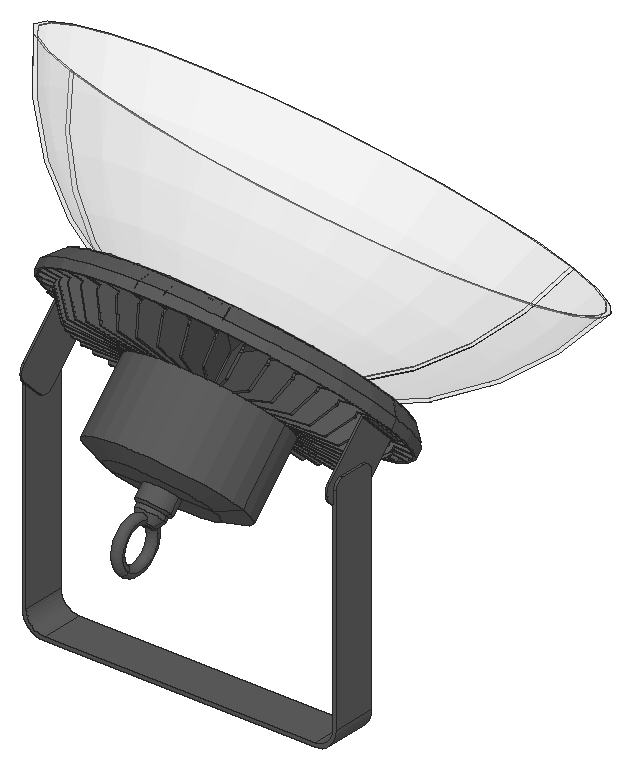
Revit family "0039344+0039353+0039358 Feilo Sylvania Lighting Fixture START HIGHBAY 4K 13KLM MEDIUM with BRACKET and PC LAMPSHADE TRANSPARENT", category Lighting Fixtures, host Face, Revit 2017
Family settings
  Host = Face
  Round Connector Dimension = Use Diameter
  Part Type = Normal
  OmniClass Number = 23.80.70.00
  OmniClass Title = Lighting
  Cut with Voids When Loaded = No
  Light Source = No
  Shared = No
  Room Calculation Point = No
Parameters (values of type "0039344+0039353+0039358 START HIGHBAY 4K 13KLM MEDIUM with BRACKET and PC LAMPSHADE TRANSPARENT ")
  Weight = "3.0 kg"
  Wattage Comments = ""
  WarrantyStartDate [instance] = "n/a"
  WarrantyGuarantorParts = "n/a"
  WarrantyDurationUnit = "n/a"
  WarrantyDurationParts = "n/a"
  WarrantyDescription = "n/a"
  Voltage = 230 V
  URL = "http://www.sylvania-lighting.com"
  TypeName = "START HIGHBAY 4K 13KLM MEDIUM with BRACKET and PC LAMPSHADE TRANSPARENT"
  TypeHead_FEILO = Start LED Highbay Head : 0039344+0039353+0039358 START HIGHBAY 4K 13KLM MEDIUM with BRACKET and PC LAMPSHADE TRANSPARENT 
  Type Image = <None>
  Type Comments = "n/a"
  TiltAngle_FEILO [instance] = 45.00°
  ThicknessBracketPlate_FEILO = 3 mm
  SizeBracketS_FEILO = yes
  SizeBracketM_FEILO = no
  SerialNumber [instance] = "n/a"
  RadiusBracketTop_FEILO = 7 mm
  RadiusBendOut_FEILO = if(SizeBracketS_FEILO, 18 mm, if(SizeBracketM_FEILO, 24 mm, 28 mm))  # 18 mm
  RadiusBendIn_FEILO = RadiusBendOut_FEILO - ThicknessBracketPlate_FEILO  # 15 mm
  Material_3_FEILO = none
  PowerFactor = 0.95
  PowerConsumption = "100 W"
  NominalLength = 270 mm
  NominalHeight = 170 mm
  NominalDepth = 270 mm
  Name = "START HIGHBAY 4K 13KLM MEDIUM with BRACKET and PC LAMPSHADE TRANSPARENT"
  ModelReference = Name  # "START HIGHBAY 4K 13KLM MEDIUM with BRACKET and PC LAMPSHADE TRANSPARENT"
  ModelNumber = "0039344+0039353+0039358"
  Model = Name  # "START HIGHBAY 4K 13KLM MEDIUM with BRACKET and PC LAMPSHADE TRANSPARENT"
  Material = "aluminium alloy housing, polycarbonate diffuser"
  ManufacturerName = "Feilo Sylvania"
  Manufacturer = "Feilo Sylvania"
  LuminousEfficacy = "130 lm/W"
  LuminaireType = ""
  LightOutputRatio = "n/a"
  LampsType = Lamp  # "LED"
  LampNominalLuminous = "13000 lm"
  LampMacAdamStep = "n/a"
  LampColourTemperature = "4000 K"
  LampColourRenderingIndex = "80"
  Lamp = "LED"
  Keynote = "16500"
  InstallationDate [instance] = "n/a"
  InputVoltage = "220-240V~"
  InputNominalFrequency = "50/60 Hz"
  IngressProtection = "IP65"
  ImpactProtectionIndex = "IK08"
  IfcExportType = "IfcLightFixtureType"
  IfcExportAs = "IfcLightFixtureType"
  ExpectedLife = 50000
  EndAngle_FEILO [instance] = TiltAngle_FEILO + 180.00°  # 225.00°
  ElectricShockClassification = "Class I"
  DurationUnit = "hours"
  DocumentationLiterature = "http://www.sylvania-lighting.com/product/en-int/products/0039344"
  DimmingControlOptions = "n/a"
  Material_2_FEILO = none
  Description = "START HIGHBAY, includes 1 m cables, black aluminium housing, 13000LM, 100W, 130lm/W, 4000K, Driver current: 2140mA, CR80, 60° beam angle, 1-10V dimmable,  IP65, IK08, 50,000 hrs (L70B50), (LxWxH) 270x270x170mm"
  Default Elevation = 1219.2 mm
  CreatedOn = "2/28/2018"
  CreatedBy = ""
  Cost = 0
  built-in parameter 1114216 [instance] = (empty or 0)
  ClassificationValue = "EF_70_80"
  ClassificationName = "Uniclass2015"
  Material_1_FEILO = Body-Sylvania-StartHighbay-Black
  BracketHeight_FEILO = if(SizeBracketS_FEILO, 199.5 mm, if(SizeBracketM_FEILO, 209.6 mm, 201.3 mm))  # 199.5 mm
  BracketDistanceInner_FEILO = if(SizeBracketS_FEILO, 249.4 mm, if(SizeBracketM_FEILO, 273.6 mm, 313.2 mm))  # 249.4 mm
  BarCode [instance] = "n/a"
  AssetType = "Fixed"
  AssetIdentifier [instance] = "n/a"
  Assembly Code = "D5020200"
  Apparent Load = 100 VA
  Material_4_FEILO = none
Reference planes
  plane 1 "Center (Front/Back)": y = 0
  plane 2: z = 0
  plane 3 "Center (Left/Right)": x = 0
  plane 4: x = -127.7
  plane 5: x = 127.7
  plane 6: z = 199.5
  plane 7: x = -124.7
  plane 8: z = 3
  plane 9: x = 124.7
  plane 10: y = 17.5
  plane 11: y = -17.5
  plane 12: y = -19.5
  plane 13: z = 201.5
  plane 14: y = 19.5
  plane 15: z = 190.5
Forms (mm)
  Extrusion 1, solid, material "Body-Sylvania-StartHighbay-Black" <- "Material_1_FEILO"
    sketch origin (0, 0, 0) x (1, 0, 0) y (0, 0, 1)
      loop
        line (-127.7, 199.5) -> (-127.7, 18)
        arc (-127.7, 18) -> (-122.428, 5.272) -> (-109.7, 0) r 18
        line (-109.7, 0) -> (109.7, 0)
        arc (109.7, 0) -> (122.428, 5.272) -> (127.7, 18) r 18
        line (127.7, 18) -> (127.7, 199.5) -> (124.7, 199.5) -> (124.7, 18)
        arc (124.7, 18) -> (120.307, 7.393) -> (109.7, 3) r 15
        line (109.7, 3) -> (-109.7, 3)
        arc (-109.7, 3) -> (-120.307, 7.393) -> (-124.7, 18) r 15
        line (-124.7, 18) -> (-124.7, 199.5) -> (-127.7, 199.5)
    from -17.5 to 17.5
  Extrusion 2, void
    sketch origin (0, 0, 0) x (0, 1, 0) y (0, 0, 1)
      loop
        arc (10.5, 199.5) -> (15.45, 197.45) -> (17.5, 192.5) r 7
        line (17.5, 192.5) -> (19.5, 192.5) -> (19.5, 201.5) -> (-19.5, 201.5) -> (-19.5, 192.5) -> (-17.5, 192.5)
        arc (-17.5, 192.5) -> (-15.45, 197.45) -> (-10.5, 199.5) r 7
        line (-10.5, 199.5) -> (10.5, 199.5)
    from -127.7 to 127.7
  Revolve 3, solid, not visible
    sketch origin (1223.4, -4572, 190.5) x (0, -1, 0) y (1, 0, 0)
      loop
        line (-4572, -1223.4) -> (-4591.5, -1223.4) -> (-4591.5, -1277.783) -> (-4572, -1277.783) -> (-4572, -1223.4)
      axis (-4572, -1223.4) -> (-4572, -1277.783)
    angle from 45 <- "TiltAngle_FEILO" to 225 <- "EndAngle_FEILO"
Cuts and joins
  Extrusion 2 cuts Extrusion 1
Dimensions and locks
  "BracketHeight_FEILO": plane 6 to plane 2
  equal spacing: plane 11, plane 1 "Center (Front/Back)", plane 10
  locked: plane 11 to plane 10 at 35
  equal spacing: plane 9, plane 3 "Center (Left/Right)", plane 7
  "BracketDistanceInner_FEILO": plane 9 to plane 7
  "ThicknessBracketPlate_FEILO": plane 7 to plane 4
  "ThicknessBracketPlate_FEILO": plane 8 to plane 2
  equal spacing: plane 5, plane 3 "Center (Left/Right)", plane 4
  equal spacing: plane 12, plane 1 "Center (Front/Back)", plane 14
  locked: plane 6 to plane 13 at 2
  locked: plane 12 to plane 11 at 2
  locked: plane 6 to plane 15 at 9
  "RadiusBendOut_FEILO": radius of Extrusion 1 sketch curve  (x2)
  "RadiusBendIn_FEILO": radius of Extrusion 1 sketch curve  (x2)
  "RadiusBracketTop_FEILO": radius of Extrusion 2 sketch curve  (x2)
  aligned and locked: plane 2 to host face
  aligned and locked: level to host face
  aligned and locked: Extrusion 1 sketch curve to plane 4
  aligned and locked: Extrusion 1 sketch curve to level
  aligned and locked: plane 6 to Extrusion 1 sketch curve
  aligned and locked: Extrusion 1 sketch curve to plane 6
  aligned and locked: Extrusion 1 sketch curve to plane 7
  aligned and locked: plane 9 to Extrusion 1 sketch curve
  aligned and locked: plane 8 to Extrusion 1 sketch curve
  aligned and locked: Extrusion 1 to plane 10
  aligned and locked: plane 11 to Extrusion 1
  aligned and locked: Extrusion 1 to Extrusion 2 sketch curve
  aligned and locked: plane 14 to Extrusion 2 sketch curve  (x2)
  aligned and locked: Extrusion 2 sketch curve to plane 12
  aligned and locked: plane 13 to Extrusion 2 sketch curve
  aligned and locked: plane 5 to Extrusion 2
  aligned and locked: Extrusion 2 to plane 4
  aligned and locked: Revolve 3 sketch curve to plane 1 "Center (Front/Back)"
  aligned and locked: Revolve 3 sketch curve to Revolve 3 sketch curve
  aligned and locked: plane 3 "Center (Left/Right)" to Revolve 3 sketch curve
  aligned and locked: Revolve 3 sketch curve to plane 14
  aligned and locked: nested 1 to plane 3 "Center (Left/Right)"
Automatic sketch dimensions
  host sketch curve to host sketch curve = 2438.4 mm  (x2)
  Revolve 3 sketch curve to Revolve 3 sketch curve = 54.383 mm
  Revolve 3 sketch curve to plane 4 = 1396.3 mm
  plane 5 to Revolve 3 sketch curve = 1396.3 mm
  Extrusion 1 sketch curve to Extrusion 1 sketch curve = 0 mm
  Extrusion 2 sketch curve to plane 11 = 0 mm
  Extrusion 2 sketch curve to plane 10 = 0 mm
Nested families
  nested 1: "Start LED Highbay Head" at (0, 0, 190.5) x (-1, 0, 0) z (0, 0.7071, 0.7071), type <- "TypeHead_FEILO", type "0039344+0039353+0039358 START HIGHBAY 4K 13KLM MEDIUM with BRACKET and PC LAMPSHADE TRANSPARENT "
    with built-in parameter 1114216 (empty or 0)
Connectors
  electrical at (0, 0, 0), driven by "Apparent Load", driven by "PowerFactor", driven by "Voltage"
    settings: index 1, voltage 230 V, apparent load 100 VA, apparent load phase1 0 VA, apparent load phase2 0 VA, apparent load phase3 0 VA, power factor 0.95, load classification "Lighting", number of poles 1, system type 30, power factor state 1, is connector primary yes, connector utility no, sub classification motor no, connector description ""
Definition of nested family "Start LED Highbay Head"
  Parameters (values of type "0039351+0039354+0039358 START HIGHBAY 6K 19KLM WIDE with BRACKET and PC LAMPSHADE TRANSPARENT ")
    X_FEILO = if(SizeS_FEILO, 60.3 mm, if(SizeM_FEILO, 70.4 mm, 83.5 mm))  # 70.4 mm
    WidthStraight_FEILO = if(SizeS_FEILO, 3 mm, if(SizeM_FEILO, 4 mm, 4.7 mm))  # 4 mm
    WidthRingChamfer_FEILO = if(SizeS_FEILO, 10.3 mm, if(SizeM_FEILO, 11.2 mm, 12.9 mm))  # 11.2 mm
    WidthCurved_FEILO = if(SizeS_FEILO, 17.4 mm, if(SizeM_FEILO, 16.4 mm, 26.2 mm))  # 16.4 mm
    WidthCurvedRing_FEILO = if(SizeS_FEILO, 3 mm, if(SizeM_FEILO, 4 mm, 4.7 mm))  # 4 mm
    WidthBracket_FEILO = 40 mm
    Wattage Comments = ""
    Wattage = 150 W
    built-in parameter 1150110 = 1 (stored number, unit not read)
    URL = "http://www.feilosylvania.com"
    Type Image = (empty or 0)
    Type Comments = "n/a"
    built-in parameter 1114217 = 1 (stored number, unit not read)
    Tilt Angle = -90.00°
    ThicknessWall_FEILO = 1.5 mm
    ThicknessBracket_FEILO = 1.5 mm
    ThicknessBracketHalf_FEILO = ThicknessBracket_FEILO / 2  # 0.75 mm
    built-in parameter 1150109 = 1 (stored number, unit not read)
    built-in parameter 1150134 = 1
    built-in parameter 1150113 = 1 (stored number, unit not read)
    SizeS_FEILO = no
    SizeM_FEILO = yes
    ShadeThickness_FEILO = 3 mm
    ShadeSizeSM_FEILO = or(SizeS_FEILO, SizeM_FEILO)  # yes
    ShadeRadiusOut_FEILO = 205 mm
    ShadeRadiusIn_FEILO = if(ShadeSizeSM_FEILO, 95 mm, 121 mm)  # 95 mm
    ShadeRadiusBend_FEILO = if(ShadeSizeSM_FEILO, 210 mm, 210 mm)  # 210 mm
    ShadeOn_FEILO = yes
    ShadeHeight_FEILO = if(ShadeSizeSM_FEILO, 120 mm, 151 mm)  # 120 mm
    Rib4_FEILO = if(SizeS_FEILO, 18.1 mm, if(SizeM_FEILO, 13.6 mm, 14.6 mm))  # 13.6 mm
    Rib3_FEILO = if(SizeS_FEILO, 15.3 mm, if(SizeM_FEILO, 17.6 mm, 20.2 mm))  # 17.6 mm
    Rib2_FEILO = if(SizeS_FEILO, 3.6 mm, if(SizeM_FEILO, 3.9 mm, 4.5 mm))  # 3.9 mm
    Rib1_FEILO = if(SizeS_FEILO, 15.1 mm, if(SizeM_FEILO, 16.5 mm, 19 mm))  # 16.5 mm
    RadiusDiffuser_FEILO = if(SizeS_FEILO, 95.2 mm, if(SizeM_FEILO, 105.3 mm, 120 mm))  # 105.3 mm
    RadiusArrayPost_FEILO = DriverRadius_FEILO - 6 mm  # 61.2 mm
    RHRadius3_FEILO = if(SizeS_FEILO, 6.6 mm, if(SizeM_FEILO, 7.4 mm, 8.6 mm))  # 7.4 mm
    RHRadius2_FEILO = if(SizeS_FEILO, 11 mm, if(SizeM_FEILO, 12 mm, 14 mm))  # 12 mm
    RHRadius1_FEILO = if(SizeS_FEILO, 13.6 mm, if(SizeM_FEILO, 14.9 mm, 17.7 mm))  # 14.9 mm
    RHHeight4_FEILO = if(SizeS_FEILO, 7.3 mm, if(SizeM_FEILO, 8 mm, 9.2 mm))  # 8 mm
    RHHeight3_FEILO = if(SizeS_FEILO, 3.6 mm, if(SizeM_FEILO, 3.7 mm, 4.6 mm))  # 3.7 mm
    RHHeight2_FEILO = if(SizeS_FEILO, 2 mm, if(SizeM_FEILO, 2.2 mm, 2.6 mm))  # 2.2 mm
    RHHeight1_FEILO = if(SizeS_FEILO, 11.8 mm, if(SizeM_FEILO, 15.3 mm, 17.4 mm))  # 15.3 mm
    Photometric Web File = "0039351+0039358.ies"
    Material_5_FEILO = none
    Material_3_FEILO = none
    Model = "START HIGHBAY 6K 19KLM WIDE with BRACKET and PC LAMPSHADE TRANSPARENT"
    Manufacturer = "Feilo Sylvania"
    built-in parameter 1150105 = 10854.2 (stored number, unit not read)
    Lumens = 19500 lm
    built-in parameter 1150115 = 1 (stored number, unit not read)
    built-in parameter 1150137 = (empty or 0)
    built-in parameter 1150139 = (empty or 0)
    built-in parameter 1150112 = 1 (stored number, unit not read)
    built-in parameter 1150114 = 1 (stored number, unit not read)
    Lamp = "LED"
    Keynote = "16500"
    built-in parameter 1150132 = (empty or 0)
    built-in parameter 1150102 = (empty or 0)
    built-in parameter 1150107 = 6500 (stored number, unit not read)
    built-in parameter 1150138 = (empty or 0)
    built-in parameter 1150106 = 108.54 (stored number, unit not read)
    HeightRing_FEILO = if(SizeS_FEILO, 19.8 mm, if(SizeM_FEILO, 32 mm, 36.8 mm))  # 32 mm
    HeightRingChamfer_FEILO = if(SizeS_FEILO, 11.7 mm, if(SizeM_FEILO, 23.2 mm, 26.6 mm))  # 23.2 mm
    EyeThickness_FEILO = if(SizeS_FEILO, 8.4 mm, if(SizeM_FEILO, 9.2 mm, 10.5 mm))  # 9.2 mm
    EyeThicknessHalf_FEILO = EyeThickness_FEILO / 2  # 4.6 mm
    EyeInner_FEILO = if(SizeS_FEILO, 13.8 mm, if(SizeM_FEILO, 15.1 mm, 17.3 mm))  # 15.1 mm
    Emit from Circle Diameter = RadiusDiffuser_FEILO * 2  # 210.6 mm
    Emit Shape Visible in Rendering = no
    built-in parameter 1150104 = 12.077 (stored number, unit not read)
    DriverVerticalStraight_FEILO = if(SizeS_FEILO, 46.5 mm, if(SizeM_FEILO, 49.7 mm, 57 mm))  # 49.7 mm
    DriverVerticalChamfer_FEILO = if(SizeS_FEILO, 7.5 mm, if(SizeM_FEILO, 8.2 mm, 9.5 mm))  # 8.2 mm
    DriverRadius_FEILO = if(SizeS_FEILO, 61.4 mm, if(SizeM_FEILO, 67.2 mm, 76.4 mm))  # 67.2 mm
    DriverRadiusTop_FEILO = if(SizeS_FEILO, 42 mm, if(SizeM_FEILO, 45.3 mm, 52.4 mm))  # 45.3 mm
    DriverBottom_FEILO = if(SizeS_FEILO, 56 mm, if(SizeM_FEILO, 64.5 mm, 74 mm))  # 64.5 mm
    Material_2_FEILO = none
    Radius_FEILO = if(SizeS_FEILO, 135 mm, if(SizeM_FEILO, 148 mm, 169.5 mm))  # 148 mm
    Dimming Lamp Color Temperature Shift = (empty or 0)
    DiameterWire_FEILO = 3 mm
    DiameterWireSupport_FEILO = 10 mm
    Description = "START HIGHBAY, includes 1 m cables, black aluminium housing, 19500LM, 150W, 130lm/W, 6500K, Driver current: 2140mA, CR80, 60° beam angle, 1-10V dimmable,  IP65, IK08, 50,000 hrs (L70B50), (LxWxH) 296x296x177mm"
    Default Elevation = 1219.2 mm
    Cost = 0
    Color Filter = 16777215
    built-in parameter 1114216 [instance] = (empty or 0)
    Material_1_FEILO = none
    built-in parameter 1114218 = 1 (stored number, unit not read)
    built-in parameter 1150133 = 10 (stored number, unit not read)
    Assembly Code = "D5020200"
    Apparent Load = 150 VA
    Material_4_FEILO = none
  Types (36, lengths in mm): name | X_FEILO | WidthStraight_FEILO | WidthRingChamfer_FEILO | WidthCurved_FEILO | WidthCurvedRing_FEILO | Wattage | built-in parameter 1150134 | SizeS_FEILO | SizeM_FEILO | ShadeSizeSM_FEILO | ShadeRadiusIn_FEILO | ShadeOn_FEILO | ShadeHeight_FEILO | Rib4_FEILO | Rib3_FEILO | Rib2_FEILO | Rib1_FEILO | RadiusDiffuser_FEILO | RadiusArrayPost_FEILO | RHRadius3_FEILO | RHRadius2_FEILO | RHRadius1_FEILO | RHHeight4_FEILO | RHHeight3_FEILO | RHHeight2_FEILO | RHHeight1_FEILO | Photometric Web File | Model | built-in parameter 1150105 | Lumens | built-in parameter 1150107 | built-in parameter 1150106 | HeightRing_FEILO | HeightRingChamfer_FEILO | EyeThickness_FEILO | EyeThicknessHalf_FEILO | EyeInner_FEILO | Emit from Circle Diameter | DriverVerticalStraight_FEILO | DriverVerticalChamfer_FEILO | DriverRadius_FEILO | DriverRadiusTop_FEILO | DriverBottom_FEILO | Radius_FEILO | Description | Apparent Load
    0039352+0039355+0039361 START HIGHBAY 6K 26KLM WIDE with BRACKET and PC LAMPSHADE TRANSPARENT | 83.5 | 4.7 | 12.9 | 26.2 | 4.7 | 200 W | 1 | no | no | no | 121 | yes | 151 | 14.6 | 20.2 | 4.5 | 19 | 120 | 70.4 | 8.6 | 14 | 17.7 | 9.2 | 4.6 | 2.6 | 17.4 | "0039352+0039361.ies" | "START HIGHBAY 6K 26KLM WIDE with BRACKET and PC LAMPSHADE TRANSPARENT" | 17911 (stored number, unit not read) | 26000 lm | 6500 (stored number, unit not read) | 179.11 (stored number, unit not read) | 36.8 | 26.6 | 10.5 | 5.25 | 17.3 | 240 | 57 | 9.5 | 76.4 | 52.4 | 74 | 169.5 | "START HIGHBAY, includes 1 m cables, black aluminium housing, 26000LM, 200W, 130lm/W, 6500K, Driver current: 5000mA, CR80, 60° beam angle, 1-10V dimmable,  IP65, IK08, 50,000 hrs (L70B50), (LxWxH) 339x339x194mm" | 200 VA
    0039352+0039355+0039360 START HIGHBAY 6K 26KLM WIDE with BRACKET and ALU SHADE BLACK COLOR | 83.5 | 4.7 | 12.9 | 26.2 | 4.7 | 200 W | 1 | no | no | no | 121 | yes | 151 | 14.6 | 20.2 | 4.5 | 19 | 120 | 70.4 | 8.6 | 14 | 17.7 | 9.2 | 4.6 | 2.6 | 17.4 | "0039352+0039360.ies" | "START HIGHBAY 6K 26KLM WIDE with BRACKET and ALU SHADE BLACK COLOR" | 14870 (stored number, unit not read) | 26000 lm | 6500 (stored number, unit not read) | 148.7 (stored number, unit not read) | 36.8 | 26.6 | 10.5 | 5.25 | 17.3 | 240 | 57 | 9.5 | 76.4 | 52.4 | 74 | 169.5 | "START HIGHBAY, includes 1 m cables, black aluminium housing, 26000LM, 200W, 130lm/W, 6500K, Driver current: 5000mA, CR80, 60° beam angle, 1-10V dimmable,  IP65, IK08, 50,000 hrs (L70B50), (LxWxH) 339x339x194mm" | 200 VA
    0039352+0039355+0039359 START HIGHBAY 6K 26KLM WIDE with BRACKET and ALU SHADE ALU COLOR | 83.5 | 4.7 | 12.9 | 26.2 | 4.7 | 200 W | 1 | no | no | no | 121 | yes | 151 | 14.6 | 20.2 | 4.5 | 19 | 120 | 70.4 | 8.6 | 14 | 17.7 | 9.2 | 4.6 | 2.6 | 17.4 | "0039352+0039359.ies" | "START HIGHBAY 6K 26KLM WIDE with BRACKET and ALU SHADE ALU COLOR" | 14870 (stored number, unit not read) | 26000 lm | 6500 (stored number, unit not read) | 148.7 (stored number, unit not read) | 36.8 | 26.6 | 10.5 | 5.25 | 17.3 | 240 | 57 | 9.5 | 76.4 | 52.4 | 74 | 169.5 | "START HIGHBAY, includes 1 m cables, black aluminium housing, 26000LM, 200W, 130lm/W, 6500K, Driver current: 5000mA, CR80, 60° beam angle, 1-10V dimmable,  IP65, IK08, 50,000 hrs (L70B50), (LxWxH) 339x339x194mm" | 200 VA
    0039352+0039355 START HIGHBAY 6K 26KLM WIDE with BRACKET | 83.5 | 4.7 | 12.9 | 26.2 | 4.7 | 200 W | 1 | no | no | no | 121 | no | 151 | 14.6 | 20.2 | 4.5 | 19 | 120 | 70.4 | 8.6 | 14 | 17.7 | 9.2 | 4.6 | 2.6 | 17.4 | "0039352.ies" | "START HIGHBAY 6K 26KLM WIDE with BRACKET" | 13836.2 (stored number, unit not read) | 26000 lm | 6500 (stored number, unit not read) | 138.36 (stored number, unit not read) | 36.8 | 26.6 | 10.5 | 5.25 | 17.3 | 240 | 57 | 9.5 | 76.4 | 52.4 | 74 | 169.5 | "START HIGHBAY, includes 1 m cables, black aluminium housing, 26000LM, 200W, 130lm/W, 6500K, Driver current: 5000mA, CR80, 60° beam angle, 1-10V dimmable,  IP65, IK08, 50,000 hrs (L70B50), (LxWxH) 339x339x194mm" | 200 VA
    0039351+0039354+0039358 START HIGHBAY 6K 19KLM WIDE with BRACKET and PC LAMPSHADE TRANSPARENT | 70.4 | 4 | 11.2 | 16.4 | 4 | 150 W | 1 | no | yes | yes | 95 | yes | 120 | 13.6 | 17.6 | 3.9 | 16.5 | 105.3 | 61.2 | 7.4 | 12 | 14.9 | 8 | 3.7 | 2.2 | 15.3 | "0039351+0039358.ies" | "START HIGHBAY 6K 19KLM WIDE with BRACKET and PC LAMPSHADE TRANSPARENT" | 10854.2 (stored number, unit not read) | 19500 lm | 6500 (stored number, unit not read) | 108.54 (stored number, unit not read) | 32 | 23.2 | 9.2 | 4.6 | 15.1 | 210.6 | 49.7 | 8.2 | 67.2 | 45.3 | 64.5 | 148 | "START HIGHBAY, includes 1 m cables, black aluminium housing, 19500LM, 150W, 130lm/W, 6500K, Driver current: 2140mA, CR80, 60° beam angle, 1-10V dimmable,  IP65, IK08, 50,000 hrs (L70B50), (LxWxH) 296x296x177mm" | 150 VA
    0039351+0039354+0039357 START HIGHBAY 6K 19KLM WIDE with BRACKET and ALU SHADE BLACK COLOR | 70.4 | 4 | 11.2 | 16.4 | 4 | 150 W | 1 | no | yes | yes | 95 | yes | 120 | 13.6 | 17.6 | 3.9 | 16.5 | 105.3 | 61.2 | 7.4 | 12 | 14.9 | 8 | 3.7 | 2.2 | 15.3 | "0039351+0039357.ies" | "START HIGHBAY 6K 19KLM WIDE with BRACKET and ALU SHADE BLACK COLOR" | 11152.5 (stored number, unit not read) | 19500 lm | 6500 (stored number, unit not read) | 111.52 (stored number, unit not read) | 32 | 23.2 | 9.2 | 4.6 | 15.1 | 210.6 | 49.7 | 8.2 | 67.2 | 45.3 | 64.5 | 148 | "START HIGHBAY, includes 1 m cables, black aluminium housing, 19500LM, 150W, 130lm/W, 6500K, Driver current: 2140mA, CR80, 60° beam angle, 1-10V dimmable,  IP65, IK08, 50,000 hrs (L70B50), (LxWxH) 296x296x177mm" | 150 VA
    0039351+0039354+0039356 START HIGHBAY 6K 19KLM WIDE with BRACKET and ALU SHADE ALU COLOR | 70.4 | 4 | 11.2 | 16.4 | 4 | 150 W | 1 | no | yes | yes | 95 | yes | 120 | 13.6 | 17.6 | 3.9 | 16.5 | 105.3 | 61.2 | 7.4 | 12 | 14.9 | 8 | 3.7 | 2.2 | 15.3 | "0039351+0039356.ies" | "START HIGHBAY 6K 19KLM WIDE with BRACKET and ALU SHADE ALU COLOR" | 11152.5 (stored number, unit not read) | 19500 lm | 6500 (stored number, unit not read) | 111.52 (stored number, unit not read) | 32 | 23.2 | 9.2 | 4.6 | 15.1 | 210.6 | 49.7 | 8.2 | 67.2 | 45.3 | 64.5 | 148 | "START HIGHBAY, includes 1 m cables, black aluminium housing, 19500LM, 150W, 130lm/W, 6500K, Driver current: 2140mA, CR80, 60° beam angle, 1-10V dimmable,  IP65, IK08, 50,000 hrs (L70B50), (LxWxH) 296x296x177mm" | 150 VA
    0039351+0039354 START HIGHBAY 6K 19KLM WIDE with BRACKET | 70.4 | 4 | 11.2 | 16.4 | 4 | 150 W | 1 | no | yes | yes | 95 | no | 120 | 13.6 | 17.6 | 3.9 | 16.5 | 105.3 | 61.2 | 7.4 | 12 | 14.9 | 8 | 3.7 | 2.2 | 15.3 | "0039351.ies" | "START HIGHBAY 6K 19KLM WIDE with BRACKET" | 10377.1 (stored number, unit not read) | 19500 lm | 6500 (stored number, unit not read) | 103.77 (stored number, unit not read) | 32 | 23.2 | 9.2 | 4.6 | 15.1 | 210.6 | 49.7 | 8.2 | 67.2 | 45.3 | 64.5 | 148 | "START HIGHBAY, includes 1 m cables, black aluminium housing, 19500LM, 150W, 130lm/W, 6500K, Driver current: 2140mA, CR80, 60° beam angle, 1-10V dimmable,  IP65, IK08, 50,000 hrs (L70B50), (LxWxH) 296x296x177mm" | 150 VA
    0039350+0039353+0039358 START HIGHBAY 6K 13KLM WIDE with BRACKET and PC LAMPSHADE TRANSPARENT | 60.3 | 3 | 10.3 | 17.4 | 3 | 100 W | 1 | yes | no | yes | 95 | yes | 120 | 18.1 | 15.3 | 3.6 | 15.1 | 95.2 | 55.4 | 6.6 | 11 | 13.6 | 7.3 | 3.6 | 2 | 11.8 | "0039350+0039358.ies" | "START HIGHBAY 6K 13KLM WIDE with BRACKET and PC LAMPSHADE TRANSPARENT" | 7236.1 (stored number, unit not read) | 13000 lm | 6500 (stored number, unit not read) | 72.361 (stored number, unit not read) | 19.8 | 11.7 | 8.4 | 4.2 | 13.8 | 190.4 | 46.5 | 7.5 | 61.4 | 42 | 56 | 135 | "START HIGHBAY, includes 1 m cables, black aluminium housing, 13000LM, 100W, 130lm/W, 6500K, Driver current: 2140mA, CR80, 60° beam angle, 1-10V dimmable,  IP65, IK08, 50,000 hrs (L70B50), (LxWxH) 270x270x170mm" | 100 VA
    0039350+0039353+0039357 START HIGHBAY 6K 13KLM WIDE with BRACKET and ALU SHADE BLACK COLOR | 60.3 | 3 | 10.3 | 17.4 | 3 | 100 W | 1 | yes | no | yes | 95 | yes | 120 | 18.1 | 15.3 | 3.6 | 15.1 | 95.2 | 55.4 | 6.6 | 11 | 13.6 | 7.3 | 3.6 | 2 | 11.8 | "0039350+0039357.ies" | "START HIGHBAY 6K 13KLM WIDE with BRACKET and ALU SHADE BLACK COLOR" | 7435 (stored number, unit not read) | 13000 lm | 6500 (stored number, unit not read) | 74.35 (stored number, unit not read) | 19.8 | 11.7 | 8.4 | 4.2 | 13.8 | 190.4 | 46.5 | 7.5 | 61.4 | 42 | 56 | 135 | "START HIGHBAY, includes 1 m cables, black aluminium housing, 13000LM, 100W, 130lm/W, 6500K, Driver current: 2140mA, CR80, 60° beam angle, 1-10V dimmable,  IP65, IK08, 50,000 hrs (L70B50), (LxWxH) 270x270x170mm" | 100 VA
    0039350+0039353+0039356 START HIGHBAY 6K 13KLM WIDE with BRACKET and ALU SHADE ALU COLOR | 60.3 | 3 | 10.3 | 17.4 | 3 | 100 W | 1 | yes | no | yes | 95 | yes | 120 | 18.1 | 15.3 | 3.6 | 15.1 | 95.2 | 55.4 | 6.6 | 11 | 13.6 | 7.3 | 3.6 | 2 | 11.8 | "0039350+0039356.ies" | "START HIGHBAY 6K 13KLM WIDE with BRACKET and ALU SHADE ALU COLOR" | 7435 (stored number, unit not read) | 13000 lm | 6500 (stored number, unit not read) | 74.35 (stored number, unit not read) | 19.8 | 11.7 | 8.4 | 4.2 | 13.8 | 190.4 | 46.5 | 7.5 | 61.4 | 42 | 56 | 135 | "START HIGHBAY, includes 1 m cables, black aluminium housing, 13000LM, 100W, 130lm/W, 6500K, Driver current: 2140mA, CR80, 60° beam angle, 1-10V dimmable,  IP65, IK08, 50,000 hrs (L70B50), (LxWxH) 270x270x170mm" | 100 VA
    0039350+0039353 START HIGHBAY 6K 13KLM WIDE with BRACKET | 60.3 | 3 | 10.3 | 17.4 | 3 | 100 W | 1 | yes | no | yes | 95 | no | 120 | 18.1 | 15.3 | 3.6 | 15.1 | 95.2 | 55.4 | 6.6 | 11 | 13.6 | 7.3 | 3.6 | 2 | 11.8 | "0039350.ies" | "START HIGHBAY 6K 13KLM WIDE with BRACKET" | 6918.1 (stored number, unit not read) | 13000 lm | 6500 (stored number, unit not read) | 69.181 (stored number, unit not read) | 19.8 | 11.7 | 8.4 | 4.2 | 13.8 | 190.4 | 46.5 | 7.5 | 61.4 | 42 | 56 | 135 | "START HIGHBAY, includes 1 m cables, black aluminium housing, 13000LM, 100W, 130lm/W, 6500K, Driver current: 2140mA, CR80, 60° beam angle, 1-10V dimmable,  IP65, IK08, 50,000 hrs (L70B50), (LxWxH) 270x270x170mm" | 100 VA
    0039349+0039355+0039361 START HIGHBAY 4K 26KLM WIDE with BRACKET and PC LAMPSHADE TRANSPARENT FOR | 83.5 | 4.7 | 12.9 | 26.2 | 4.7 | 200 W | 12 | no | no | no | 121 | yes | 151 | 14.6 | 20.2 | 4.5 | 19 | 120 | 70.4 | 8.6 | 14 | 17.7 | 9.2 | 4.6 | 2.6 | 17.4 | "0039349+0039361.ies" | "START HIGHBAY 4K 26KLM WIDE with BRACKET and PC LAMPSHADE TRANSPARENT FOR" | 17911 (stored number, unit not read) | 26000 lm | 4000 (stored number, unit not read) | 179.11 (stored number, unit not read) | 36.8 | 26.6 | 10.5 | 5.25 | 17.3 | 240 | 57 | 9.5 | 76.4 | 52.4 | 74 | 169.5 | "START HIGHBAY, includes 1 m cables, black aluminium housing, 26000LM, 200W, 130lm/W, 4000K, Driver current: 5000mA, CR80, 90° beam angle, 1-10V dimmable,  IP65, IK08, 50,000 hrs (L70B50), (LxWxH) 339x339x194mm" | 200 VA
    0039349+0039355+0039360 START HIGHBAY 4K 26KLM WIDE with BRACKET and ALU SHADE BLACK COLOR | 83.5 | 4.7 | 12.9 | 26.2 | 4.7 | 200 W | 12 | no | no | no | 121 | yes | 151 | 14.6 | 20.2 | 4.5 | 19 | 120 | 70.4 | 8.6 | 14 | 17.7 | 9.2 | 4.6 | 2.6 | 17.4 | "0039349+0039360.ies" | "START HIGHBAY 4K 26KLM WIDE with BRACKET and ALU SHADE BLACK COLOR" | 14870 (stored number, unit not read) | 26000 lm | 4000 (stored number, unit not read) | 148.7 (stored number, unit not read) | 36.8 | 26.6 | 10.5 | 5.25 | 17.3 | 240 | 57 | 9.5 | 76.4 | 52.4 | 74 | 169.5 | "START HIGHBAY, includes 1 m cables, black aluminium housing, 26000LM, 200W, 130lm/W, 4000K, Driver current: 5000mA, CR80, 90° beam angle, 1-10V dimmable,  IP65, IK08, 50,000 hrs (L70B50), (LxWxH) 339x339x194mm" | 200 VA
    0039349+0039355+0039359 START HIGHBAY 4K 26KLM WIDE with BRACKET and ALU SHADE ALU COLOR | 83.5 | 4.7 | 12.9 | 26.2 | 4.7 | 200 W | 12 | no | no | no | 121 | yes | 151 | 14.6 | 20.2 | 4.5 | 19 | 120 | 70.4 | 8.6 | 14 | 17.7 | 9.2 | 4.6 | 2.6 | 17.4 | "0039349+0039359.ies" | "START HIGHBAY 4K 26KLM WIDE with BRACKET and ALU SHADE ALU COLOR" | 14870 (stored number, unit not read) | 26000 lm | 4000 (stored number, unit not read) | 148.7 (stored number, unit not read) | 36.8 | 26.6 | 10.5 | 5.25 | 17.3 | 240 | 57 | 9.5 | 76.4 | 52.4 | 74 | 169.5 | "START HIGHBAY, includes 1 m cables, black aluminium housing, 26000LM, 200W, 130lm/W, 4000K, Driver current: 5000mA, CR80, 90° beam angle, 1-10V dimmable,  IP65, IK08, 50,000 hrs (L70B50), (LxWxH) 339x339x194mm" | 200 VA
    0039349+0039355 START HIGHBAY 4K 26KLM WIDE with BRACKET | 83.5 | 4.7 | 12.9 | 26.2 | 4.7 | 200 W | 12 | no | no | no | 121 | no | 151 | 14.6 | 20.2 | 4.5 | 19 | 120 | 70.4 | 8.6 | 14 | 17.7 | 9.2 | 4.6 | 2.6 | 17.4 | "0039349.ies" | "START HIGHBAY 4K 26KLM WIDE with BRACKET" | 13836.2 (stored number, unit not read) | 26000 lm | 4000 (stored number, unit not read) | 138.36 (stored number, unit not read) | 36.8 | 26.6 | 10.5 | 5.25 | 17.3 | 240 | 57 | 9.5 | 76.4 | 52.4 | 74 | 169.5 | "START HIGHBAY, includes 1 m cables, black aluminium housing, 26000LM, 200W, 130lm/W, 4000K, Driver current: 5000mA, CR80, 90° beam angle, 1-10V dimmable,  IP65, IK08, 50,000 hrs (L70B50), (LxWxH) 339x339x194mm" | 200 VA
    0039348+0039354+0039358 START HIGHBAY 4K 19KLM WIDE with BRACKET and PC LAMPSHADE TRANSPARENT | 70.4 | 4 | 11.2 | 16.4 | 4 | 150 W | 12 | no | yes | yes | 95 | yes | 120 | 13.6 | 17.6 | 3.9 | 16.5 | 105.3 | 61.2 | 7.4 | 12 | 14.9 | 8 | 3.7 | 2.2 | 15.3 | "0039348+0039358.ies" | "START HIGHBAY 4K 19KLM WIDE with BRACKET and PC LAMPSHADE TRANSPARENT" | 10854.2 (stored number, unit not read) | 19500 lm | 4000 (stored number, unit not read) | 108.54 (stored number, unit not read) | 32 | 23.2 | 9.2 | 4.6 | 15.1 | 210.6 | 49.7 | 8.2 | 67.2 | 45.3 | 64.5 | 148 | "START HIGHBAY, includes 1 m cables, black aluminium housing, 19500LM, 150W, 130lm/W, 4000K, Driver current: 3210mA, CR80, 90° beam angle, 1-10V dimmable,  IP65, IK08, 50,000 hrs (L70B50), (LxWxH) 296x296x177mm" | 150 VA
    0039348+0039354+0039357 START HIGHBAY 4K 19KLM WIDE with BRACKET and ALU SHADE BLACK COLOR | 70.4 | 4 | 11.2 | 16.4 | 4 | 150 W | 12 | no | yes | yes | 95 | yes | 120 | 13.6 | 17.6 | 3.9 | 16.5 | 105.3 | 61.2 | 7.4 | 12 | 14.9 | 8 | 3.7 | 2.2 | 15.3 | "0039348+0039357.ies" | "START HIGHBAY 4K 19KLM WIDE with BRACKET and ALU SHADE BLACK COLOR" | 11152.5 (stored number, unit not read) | 19500 lm | 4000 (stored number, unit not read) | 111.52 (stored number, unit not read) | 32 | 23.2 | 9.2 | 4.6 | 15.1 | 210.6 | 49.7 | 8.2 | 67.2 | 45.3 | 64.5 | 148 | "START HIGHBAY, includes 1 m cables, black aluminium housing, 19500LM, 150W, 130lm/W, 4000K, Driver current: 3210mA, CR80, 90° beam angle, 1-10V dimmable,  IP65, IK08, 50,000 hrs (L70B50), (LxWxH) 296x296x177mm" | 150 VA
    0039348+0039354+0039356 START HIGHBAY 4K 19KLM WIDE with BRACKET and ALU SHADE ALU COLOR | 70.4 | 4 | 11.2 | 16.4 | 4 | 150 W | 12 | no | yes | yes | 95 | yes | 120 | 13.6 | 17.6 | 3.9 | 16.5 | 105.3 | 61.2 | 7.4 | 12 | 14.9 | 8 | 3.7 | 2.2 | 15.3 | "0039348+0039356.ies" | "START HIGHBAY 4K 19KLM WIDE with BRACKET and ALU SHADE ALU COLOR" | 11152.5 (stored number, unit not read) | 19500 lm | 4000 (stored number, unit not read) | 111.52 (stored number, unit not read) | 32 | 23.2 | 9.2 | 4.6 | 15.1 | 210.6 | 49.7 | 8.2 | 67.2 | 45.3 | 64.5 | 148 | "START HIGHBAY, includes 1 m cables, black aluminium housing, 19500LM, 150W, 130lm/W, 4000K, Driver current: 3210mA, CR80, 90° beam angle, 1-10V dimmable,  IP65, IK08, 50,000 hrs (L70B50), (LxWxH) 296x296x177mm" | 150 VA
    0039348+0039354 START HIGHBAY 4K 19KLM WIDE with BRACKET | 70.4 | 4 | 11.2 | 16.4 | 4 | 150 W | 12 | no | yes | yes | 95 | no | 120 | 13.6 | 17.6 | 3.9 | 16.5 | 105.3 | 61.2 | 7.4 | 12 | 14.9 | 8 | 3.7 | 2.2 | 15.3 | "0039348.ies" | "START HIGHBAY 4K 19KLM WIDE with BRACKET" | 10377.1 (stored number, unit not read) | 19500 lm | 4000 (stored number, unit not read) | 103.77 (stored number, unit not read) | 32 | 23.2 | 9.2 | 4.6 | 15.1 | 210.6 | 49.7 | 8.2 | 67.2 | 45.3 | 64.5 | 148 | "START HIGHBAY, includes 1 m cables, black aluminium housing, 19500LM, 150W, 130lm/W, 4000K, Driver current: 3210mA, CR80, 90° beam angle, 1-10V dimmable,  IP65, IK08, 50,000 hrs (L70B50), (LxWxH) 296x296x177mm" | 150 VA
    0039347+0039353+0039358 START HIGHBAY 4K 13KLM WIDE with BRACKET and PC LAMPSHADE TRANSPARENT | 60.3 | 3 | 10.3 | 17.4 | 3 | 100 W | 12 | yes | no | yes | 95 | yes | 120 | 18.1 | 15.3 | 3.6 | 15.1 | 95.2 | 55.4 | 6.6 | 11 | 13.6 | 7.3 | 3.6 | 2 | 11.8 | "0039347+0039358.ies" | "START HIGHBAY 4K 13KLM WIDE with BRACKET and PC LAMPSHADE TRANSPARENT" | 7236.1 (stored number, unit not read) | 13000 lm | 4000 (stored number, unit not read) | 72.361 (stored number, unit not read) | 19.8 | 11.7 | 8.4 | 4.2 | 13.8 | 190.4 | 46.5 | 7.5 | 61.4 | 42 | 56 | 135 | "START HIGHBAY, includes 1 m cables, black aluminium housing, 13000LM, 100W, 130lm/W, 4000K, Driver current: 2140mA, CR80, 90° beam angle, 1-10V dimmable,  IP65, IK08, 50,000 hrs (L70B50), (LxWxH) 270x270x170mm" | 100 VA
    0039347+0039353+0039357 START HIGHBAY 4K 13KLM WIDE with BRACKET and ALU SHADE BLACK COLOR | 60.3 | 3 | 10.3 | 17.4 | 3 | 100 W | 12 | yes | no | yes | 95 | yes | 120 | 18.1 | 15.3 | 3.6 | 15.1 | 95.2 | 55.4 | 6.6 | 11 | 13.6 | 7.3 | 3.6 | 2 | 11.8 | "0039347+0039357.ies" | "START HIGHBAY 4K 13KLM WIDE with BRACKET and ALU SHADE BLACK COLOR" | 7435 (stored number, unit not read) | 13000 lm | 4000 (stored number, unit not read) | 74.35 (stored number, unit not read) | 19.8 | 11.7 | 8.4 | 4.2 | 13.8 | 190.4 | 46.5 | 7.5 | 61.4 | 42 | 56 | 135 | "START HIGHBAY, includes 1 m cables, black aluminium housing, 13000LM, 100W, 130lm/W, 4000K, Driver current: 2140mA, CR80, 90° beam angle, 1-10V dimmable,  IP65, IK08, 50,000 hrs (L70B50), (LxWxH) 270x270x170mm" | 100 VA
    0039347+0039353+0039356 START HIGHBAY 4K 13KLM WIDE with BRACKET and ALU SHADE ALU COLOR | 60.3 | 3 | 10.3 | 17.4 | 3 | 100 W | 12 | yes | no | yes | 95 | yes | 120 | 18.1 | 15.3 | 3.6 | 15.1 | 95.2 | 55.4 | 6.6 | 11 | 13.6 | 7.3 | 3.6 | 2 | 11.8 | "0039347+0039356.ies" | "START HIGHBAY 4K 13KLM WIDE with BRACKET and ALU SHADE ALU COLOR" | 7435 (stored number, unit not read) | 13000 lm | 4000 (stored number, unit not read) | 74.35 (stored number, unit not read) | 19.8 | 11.7 | 8.4 | 4.2 | 13.8 | 190.4 | 46.5 | 7.5 | 61.4 | 42 | 56 | 135 | "START HIGHBAY, includes 1 m cables, black aluminium housing, 13000LM, 100W, 130lm/W, 4000K, Driver current: 2140mA, CR80, 90° beam angle, 1-10V dimmable,  IP65, IK08, 50,000 hrs (L70B50), (LxWxH) 270x270x170mm" | 100 VA
    0039347+0039353 START HIGHBAY 4K 13KLM WIDE with BRACKET | 60.3 | 3 | 10.3 | 17.4 | 3 | 100 W | 12 | yes | no | yes | 95 | no | 120 | 18.1 | 15.3 | 3.6 | 15.1 | 95.2 | 55.4 | 6.6 | 11 | 13.6 | 7.3 | 3.6 | 2 | 11.8 | "0039347.ies" | "START HIGHBAY 4K 13KLM WIDE with BRACKET" | 6918.1 (stored number, unit not read) | 13000 lm | 4000 (stored number, unit not read) | 69.181 (stored number, unit not read) | 19.8 | 11.7 | 8.4 | 4.2 | 13.8 | 190.4 | 46.5 | 7.5 | 61.4 | 42 | 56 | 135 | "START HIGHBAY, includes 1 m cables, black aluminium housing, 13000LM, 100W, 130lm/W, 4000K, Driver current: 2140mA, CR80, 90° beam angle, 1-10V dimmable,  IP65, IK08, 50,000 hrs (L70B50), (LxWxH) 270x270x170mm" | 100 VA
    0039346+0039355+0039361 START HIGHBAY 4K 26KLM MEDIUM with BRACKET and PC LAMPSHADE TRANSPARENT | 83.5 | 4.7 | 12.9 | 26.2 | 4.7 | 200 W | 12 | no | no | no | 121 | yes | 151 | 14.6 | 20.2 | 4.5 | 19 | 120 | 70.4 | 8.6 | 14 | 17.7 | 9.2 | 4.6 | 2.6 | 17.4 | "0039346+0039361.ies" | "START HIGHBAY 4K 26KLM MEDIUM with BRACKET and PC LAMPSHADE TRANSPARENT" | 35142.4 (stored number, unit not read) | 26000 lm | 4000 (stored number, unit not read) | 351.42 (stored number, unit not read) | 36.8 | 26.6 | 10.5 | 5.25 | 17.3 | 240 | 57 | 9.5 | 76.4 | 52.4 | 74 | 169.5 | "START HIGHBAY, includes 1 m cables, black aluminium housing, 26000LM, 200W, 130lm/W, 4000K, Driver current: 5000mA, CR80, 60° beam angle, 1-10V dimmable,  IP65, IK08, 50,000 hrs (L70B50), (LxWxH) 339x339x194mm" | 200 VA
    0039346+0039355+0039360 START HIGHBAY 4K 26KLM MEDIUM with BRACKET and ALU SHADE BLACK COLOR | 83.5 | 4.7 | 12.9 | 26.2 | 4.7 | 200 W | 12 | no | no | no | 121 | yes | 151 | 14.6 | 20.2 | 4.5 | 19 | 120 | 70.4 | 8.6 | 14 | 17.7 | 9.2 | 4.6 | 2.6 | 17.4 | "0039346+0039360.ies" | "START HIGHBAY 4K 26KLM MEDIUM with BRACKET and ALU SHADE BLACK COLOR" | 35336 (stored number, unit not read) | 26000 lm | 4000 (stored number, unit not read) | 353.36 (stored number, unit not read) | 36.8 | 26.6 | 10.5 | 5.25 | 17.3 | 240 | 57 | 9.5 | 76.4 | 52.4 | 74 | 169.5 | "START HIGHBAY, includes 1 m cables, black aluminium housing, 26000LM, 200W, 130lm/W, 4000K, Driver current: 5000mA, CR80, 60° beam angle, 1-10V dimmable,  IP65, IK08, 50,000 hrs (L70B50), (LxWxH) 339x339x194mm" | 200 VA
    0039346+0039355+0039359 START HIGHBAY 4K 26KLM MEDIUM with BRACKET and ALU SHADE ALU COLOR | 83.5 | 4.7 | 12.9 | 26.2 | 4.7 | 200 W | 12 | no | no | no | 121 | yes | 151 | 14.6 | 20.2 | 4.5 | 19 | 120 | 70.4 | 8.6 | 14 | 17.7 | 9.2 | 4.6 | 2.6 | 17.4 | "0039346+0039359.ies" | "START HIGHBAY 4K 26KLM MEDIUM with BRACKET and ALU SHADE ALU COLOR" | 35336 (stored number, unit not read) | 26000 lm | 4000 (stored number, unit not read) | 353.36 (stored number, unit not read) | 36.8 | 26.6 | 10.5 | 5.25 | 17.3 | 240 | 57 | 9.5 | 76.4 | 52.4 | 74 | 169.5 | "START HIGHBAY, includes 1 m cables, black aluminium housing, 26000LM, 200W, 130lm/W, 4000K, Driver current: 5000mA, CR80, 60° beam angle, 1-10V dimmable,  IP65, IK08, 50,000 hrs (L70B50), (LxWxH) 339x339x194mm" | 200 VA
    0039346+0039355 START HIGHBAY 4K 26KLM MEDIUM with BRACKET | 83.5 | 4.7 | 12.9 | 26.2 | 4.7 | 200 W | 12 | no | no | no | 121 | no | 151 | 14.6 | 20.2 | 4.5 | 19 | 120 | 70.4 | 8.6 | 14 | 17.7 | 9.2 | 4.6 | 2.6 | 17.4 | "0039346.ies" | "START HIGHBAY 4K 26KLM MEDIUM with BRACKET" | 32161 (stored number, unit not read) | 26000 lm | 4000 (stored number, unit not read) | 321.61 (stored number, unit not read) | 36.8 | 26.6 | 10.5 | 5.25 | 17.3 | 240 | 57 | 9.5 | 76.4 | 52.4 | 74 | 169.5 | "START HIGHBAY, includes 1 m cables, black aluminium housing, 26000LM, 200W, 130lm/W, 4000K, Driver current: 5000mA, CR80, 60° beam angle, 1-10V dimmable,  IP65, IK08, 50,000 hrs (L70B50), (LxWxH) 339x339x194mm" | 200 VA
    0039345+0039354+0039358 START HIGHBAY 4K 19KLM MEDIUM with BRACKET and PC LAMPSHADE TRANSPARENT | 70.4 | 4 | 11.2 | 16.4 | 4 | 150 W | 12 | no | yes | yes | 95 | yes | 120 | 13.6 | 17.6 | 3.9 | 16.5 | 105.3 | 61.2 | 7.4 | 12 | 14.9 | 8 | 3.7 | 2.2 | 15.3 | "0039345+0039358.ies" | "START HIGHBAY 4K 19KLM MEDIUM with BRACKET and PC LAMPSHADE TRANSPARENT" | 24535.9 (stored number, unit not read) | 19500 lm | 4000 (stored number, unit not read) | 245.36 (stored number, unit not read) | 32 | 23.2 | 9.2 | 4.6 | 15.1 | 210.6 | 49.7 | 8.2 | 67.2 | 45.3 | 64.5 | 148 | "START HIGHBAY, includes 1 m cables, black aluminium housing, 19500LM, 150W, 130lm/W, 4000K, Driver current: 3210mA, CR80, 60° beam angle, 1-10V dimmable,  IP65, IK08, 50,000 hrs (L70B50), (LxWxH) 296x296x177mm" | 150 VA
    0039345+0039354+0039357 START HIGHBAY 4K 19KLM MEDIUM with BRACKET and ALU SHADE BLACK COLOR | 70.4 | 4 | 11.2 | 16.4 | 4 | 150 W | 12 | no | yes | yes | 95 | yes | 120 | 13.6 | 17.6 | 3.9 | 16.5 | 105.3 | 61.2 | 7.4 | 12 | 14.9 | 8 | 3.7 | 2.2 | 15.3 | "0039345+0039357.ies" | "START HIGHBAY 4K 19KLM MEDIUM with BRACKET and ALU SHADE BLACK COLOR" | 26502 (stored number, unit not read) | 19500 lm | 4000 (stored number, unit not read) | 265.02 (stored number, unit not read) | 32 | 23.2 | 9.2 | 4.6 | 15.1 | 210.6 | 49.7 | 8.2 | 67.2 | 45.3 | 64.5 | 148 | "START HIGHBAY, includes 1 m cables, black aluminium housing, 19500LM, 150W, 130lm/W, 4000K, Driver current: 3210mA, CR80, 60° beam angle, 1-10V dimmable,  IP65, IK08, 50,000 hrs (L70B50), (LxWxH) 296x296x177mm" | 150 VA
    0039345+0039354+0039356 START HIGHBAY 4K 19KLM MEDIUM with BRACKET and ALU SHADE ALU COLOR | 70.4 | 4 | 11.2 | 16.4 | 4 | 150 W | 12 | no | yes | yes | 95 | yes | 120 | 13.6 | 17.6 | 3.9 | 16.5 | 105.3 | 61.2 | 7.4 | 12 | 14.9 | 8 | 3.7 | 2.2 | 15.3 | "0039345+0039356.ies" | "START HIGHBAY 4K 19KLM MEDIUM with BRACKET and ALU SHADE ALU COLOR" | 26502 (stored number, unit not read) | 19500 lm | 4000 (stored number, unit not read) | 265.02 (stored number, unit not read) | 32 | 23.2 | 9.2 | 4.6 | 15.1 | 210.6 | 49.7 | 8.2 | 67.2 | 45.3 | 64.5 | 148 | "START HIGHBAY, includes 1 m cables, black aluminium housing, 19500LM, 150W, 130lm/W, 4000K, Driver current: 3210mA, CR80, 60° beam angle, 1-10V dimmable,  IP65, IK08, 50,000 hrs (L70B50), (LxWxH) 296x296x177mm" | 150 VA
    0039345+0039354 START HIGHBAY 4K 19KLM MEDIUM with BRACKET | 70.4 | 4 | 11.2 | 16.4 | 4 | 150 W | 12 | no | yes | yes | 95 | no | 120 | 13.6 | 17.6 | 3.9 | 16.5 | 105.3 | 61.2 | 7.4 | 12 | 14.9 | 8 | 3.7 | 2.2 | 15.3 | "0039345.ies" | "START HIGHBAY 4K 19KLM MEDIUM with BRACKET" | 24120.8 (stored number, unit not read) | 19500 lm | 4000 (stored number, unit not read) | 241.21 (stored number, unit not read) | 32 | 23.2 | 9.2 | 4.6 | 15.1 | 210.6 | 49.7 | 8.2 | 67.2 | 45.3 | 64.5 | 148 | "START HIGHBAY, includes 1 m cables, black aluminium housing, 19500LM, 150W, 130lm/W, 4000K, Driver current: 3210mA, CR80, 60° beam angle, 1-10V dimmable,  IP65, IK08, 50,000 hrs (L70B50), (LxWxH) 296x296x177mm" | 150 VA
    0039344+0039353+0039358 START HIGHBAY 4K 13KLM MEDIUM with BRACKET and PC LAMPSHADE TRANSPARENT | 60.3 | 3 | 10.3 | 17.4 | 3 | 100 W | 12 | yes | no | yes | 95 | yes | 120 | 18.1 | 15.3 | 3.6 | 15.1 | 95.2 | 55.4 | 6.6 | 11 | 13.6 | 7.3 | 3.6 | 2 | 11.8 | "0039344+0039358.ies" | "START HIGHBAY 4K 13KLM MEDIUM with BRACKET and PC LAMPSHADE TRANSPARENT" | 17571.2 (stored number, unit not read) | 13000 lm | 4000 (stored number, unit not read) | 175.71 (stored number, unit not read) | 19.8 | 11.7 | 8.4 | 4.2 | 13.8 | 190.4 | 46.5 | 7.5 | 61.4 | 42 | 56 | 135 | "START HIGHBAY, includes 1 m cables, black aluminium housing, 13000LM, 100W, 130lm/W, 4000K, Driver current: 2140mA, CR80, 60° beam angle, 1-10V dimmable,  IP65, IK08, 50,000 hrs (L70B50), (LxWxH) 270x270x170mm" | 100 VA
    0039344+0039353+0039357 START HIGHBAY 4K 13KLM MEDIUM with BRACKET and ALU SHADE BLACK COLOR | 60.3 | 3 | 10.3 | 17.4 | 3 | 100 W | 12 | yes | no | yes | 95 | yes | 120 | 18.1 | 15.3 | 3.6 | 15.1 | 95.2 | 55.4 | 6.6 | 11 | 13.6 | 7.3 | 3.6 | 2 | 11.8 | "0039344+0039357.ies" | "START HIGHBAY 4K 13KLM MEDIUM with BRACKET and ALU SHADE BLACK COLOR" | 17668 (stored number, unit not read) | 13000 lm | 4000 (stored number, unit not read) | 176.68 (stored number, unit not read) | 19.8 | 11.7 | 8.4 | 4.2 | 13.8 | 190.4 | 46.5 | 7.5 | 61.4 | 42 | 56 | 135 | "START HIGHBAY, includes 1 m cables, black aluminium housing, 13000LM, 100W, 130lm/W, 4000K, Driver current: 2140mA, CR80, 60° beam angle, 1-10V dimmable,  IP65, IK08, 50,000 hrs (L70B50), (LxWxH) 270x270x170mm" | 100 VA
    0039344+0039353+0039356 START HIGHBAY 4K 13KLM MEDIUM with BRACKET and ALU SHADE ALU COLOR | 60.3 | 3 | 10.3 | 17.4 | 3 | 100 W | 12 | yes | no | yes | 95 | yes | 120 | 18.1 | 15.3 | 3.6 | 15.1 | 95.2 | 55.4 | 6.6 | 11 | 13.6 | 7.3 | 3.6 | 2 | 11.8 | "0039344+0039356.ies" | "START HIGHBAY 4K 13KLM MEDIUM with BRACKET and ALU SHADE ALU COLOR" | 17668 (stored number, unit not read) | 13000 lm | 4000 (stored number, unit not read) | 176.68 (stored number, unit not read) | 19.8 | 11.7 | 8.4 | 4.2 | 13.8 | 190.4 | 46.5 | 7.5 | 61.4 | 42 | 56 | 135 | "START HIGHBAY, includes 1 m cables, black aluminium housing, 13000LM, 100W, 130lm/W, 4000K, Driver current: 2140mA, CR80, 60° beam angle, 1-10V dimmable,  IP65, IK08, 50,000 hrs (L70B50), (LxWxH) 270x270x170mm" | 100 VA
    0039344+0039353 START HIGHBAY 4K 13KLM MEDIUM with BRACKET | 60.3 | 3 | 10.3 | 17.4 | 3 | 100 W | 12 | yes | no | yes | 95 | no | 120 | 18.1 | 15.3 | 3.6 | 15.1 | 95.2 | 55.4 | 6.6 | 11 | 13.6 | 7.3 | 3.6 | 2 | 11.8 | "0039344.ies" | "START HIGHBAY 4K 13KLM MEDIUM with BRACKET" | 16080.5 (stored number, unit not read) | 13000 lm | 4000 (stored number, unit not read) | 160.81 (stored number, unit not read) | 19.8 | 11.7 | 8.4 | 4.2 | 13.8 | 190.4 | 46.5 | 7.5 | 61.4 | 42 | 56 | 135 | "START HIGHBAY, includes 1 m cables, black aluminium housing, 13000LM, 100W, 130lm/W, 4000K, Driver current: 2140mA, CR80, 60° beam angle, 1-10V dimmable,  IP65, IK08, 50,000 hrs (L70B50), (LxWxH) 270x270x170mm" | 100 VA
  Reference planes
    plane 1 "Center (Front/Back)": y = 0
    plane 2: z = 0
    plane 3 "Center (Left/Right)": x = 0
    plane 4: z = 70.4
    plane 5: x = -148
    plane 6: x = -136.8
    plane 7: z = 47.2
    plane 8: z = 38.4
    plane 9: x = -132.8
    plane 10: z = 67.775
    plane 11: x = -116.4
    plane 12: x = -105.3
    plane 13: x = -128.8
    plane 14: z = 68.775
    plane 15: z = 66.775
    plane 16: x = -102.3
    plane 17: z = 65.775
    plane 18: x = -146.5
    plane 19: x = -131.5
    plane 20: z = 34.5
    plane 21: x = -113.9
    plane 22: z = 20.9
    plane 23: x = -20
    plane 24: z = 5.9
    plane 25: x = -67.2
    plane 26: z = -43.8
    plane 27: x = -45.3
    plane 28: z = -52
    plane 29: x = -14.9
    plane 30: z = -67.3
    plane 31: z = -69.5
    plane 32: x = -12
    plane 33: z = -73.2
    plane 34: z = -81.2
    plane 35: x = -7.4
    plane 36: z = -96.3
    plane 37: z = -111.4
    plane 38: x = 4.6
    plane 39: x = -4.6
    plane 40: z = -120.6
    plane 41: z = -116
    plane 42: x = -141.65
    plane 43: x = -145.5
    plane 44: z = 36.9
    plane 45: x = -135.3
    plane 46: z = -18.95
    plane 47: y = -20
    plane 48: y = 20
    plane 49: x = 148
    plane 50: x = 136.8
    plane 51: x = 146.5
    plane 52: x = 141.65
    plane 53: x = 145.5
    plane 54: x = 135.3
    plane 55: x = -205
    plane 56: z = 190.4
    plane 57: x = -95
    plane 58: x = -87
    plane 59: x = -202
    plane 60: z = 73.4
  Forms (mm)
    Extrusion 1, solid
      sketch origin (4.2, 0, 0) x (1, 0, 0) y (0, 1, 0)
        loop
          line (-1219.2, 1219.2) -> (-1219.2, -1219.2) -> (1219.2, -1219.2) -> (1219.2, 1219.2) -> (-1219.2, 1219.2)
      from 0 to -68.017
    Revolve 2, solid, material <- "Material_1_FEILO", detail levels medium+fine
      sketch origin (0, 0, 0) x (1, 0, 0) y (0, 0, 1)
        loop
          line (-148, 38.4) -> (-146.5, 38.4) -> (-146.5, 46.857) -> (-136.402, 67.775) -> (-128.8, 67.775) -> (-128.8, 69.259)
          arc (-128.8, 69.259) -> (-130.811, 69.79) -> (-132.8, 70.4) r 52.543
          line (-132.8, 70.4) -> (-136.341, 70.4)
          arc (-136.341, 70.4) -> (-136.831, 70.225) -> (-137.099, 69.78) r 0.774
          line (-137.099, 69.78) -> (-148, 47.2) -> (-148, 38.4)
        axis (0, 70.4) -> (0, 38.4)
      angle from 360 to 0
    Revolve 3, solid, material <- "Material_1_FEILO", detail levels medium+fine
      sketch origin (0, 0, 0) x (1, 0, 0) y (0, 0, 1)
        loop
          line (-116.4, 65.775) -> (-105.3, 65.775) -> (-105.3, 47.2) -> (0, 47.2) -> (0, 65.775) -> (-102.3, 65.775) -> (-102.3, 66.775) -> (-105.3, 66.775) -> (-105.3, 67.775) -> (-116.4, 67.775) -> (-116.4, 65.775)
        axis (0, 67.775) -> (0, 47.2)
      angle from 360 to 0
    Revolve 4, solid, material <- "Material_2_FEILO", detail levels medium+fine
      sketch origin (0, 0, 0) x (1, 0, 0) y (0, 0, 1)
        loop
          line (-105.3, 66.775) -> (0, 66.775) -> (0, 68.775) -> (-105.3, 68.775) -> (-105.3, 66.775)
        axis (0, 68.775) -> (0, 66.775)
      angle from 360 to 0
    Revolve 5, solid, material <- "Material_1_FEILO"
      sketch origin (0, 0, 0) x (1, 0, 0) y (0, 0, 1)
        loop
          line (-67.2, 20.9) -> (-67.2, -43.8) -> (-45.3, -52) -> (-14.9, -52) -> (-14.9, -67.3) -> (-12, -69.5) -> (-12, -73.2) -> (-7.837, -80.474)
          arc (-7.837, -80.474) -> (-7.29, -81.006) -> (-6.553, -81.2) r 1.5
          line (-6.553, -81.2) -> (0, -81.2) -> (0, 20.9) -> (-67.2, 20.9)
        axis (0, 20.9) -> (0, -81.2)
      angle from 360 to 0
    Revolve 6, solid, material <- "Material_1_FEILO"
      sketch origin (0, 0, 0) x (1, 0, 0) y (0, 0, 1)
        loop
          circle (0, -116) r 4.6
        axis (4.6, -96.3) -> (-4.6, -96.3)
      angle from 360 to 0
    Extrusion 7, solid, material <- "Material_1_FEILO"
      sketch origin (0, 0, 0) x (1, 0, 0) y (0, 0, 1)
        loop
          line (-145.5, 38.4) -> (-145.5, 36.9) -> (-137.55, 36.9)
          arc (-137.55, 36.9) -> (-137.02, 36.68) -> (-136.8, 36.15) r 0.75
          line (-136.8, 36.15) -> (-136.8, -18.95) -> (-135.3, -18.95) -> (-135.3, 36.9)
          arc (-135.3, 36.9) -> (-135.739, 37.961) -> (-136.8, 38.4) r 1.5
          line (-136.8, 38.4) -> (-145.5, 38.4)
        loop
          line (145.5, 38.4) -> (136.8, 38.4)
          arc (136.8, 38.4) -> (135.739, 37.961) -> (135.3, 36.9) r 1.5
          line (135.3, 36.9) -> (135.3, -18.95) -> (136.8, -18.95) -> (136.8, 36.15)
          arc (136.8, 36.15) -> (137.02, 36.68) -> (137.55, 36.9) r 0.75
          line (137.55, 36.9) -> (145.5, 36.9) -> (145.5, 38.4)
      from -20 to 20
    Extrusion 8, void
      sketch origin (0, 0, 0) x (0, 1, 0) y (0, 0, 1)
        loop
          arc (-10, -18.95) -> (-17.071, -16.021) -> (-20, -8.95) r 10
          line (-20, -8.95) -> (-25, -8.95) -> (-25, -23.95) -> (-10, -23.95) -> (-10, -18.95)
        loop
          line (10, -18.95) -> (10, -23.95) -> (25, -23.95) -> (25, -8.95) -> (20, -8.95)
          arc (20, -8.95) -> (17.071, -16.021) -> (10, -18.95) r 10
      from -136.8 to 136.8
    Revolve 9, solid, material <- "Material_1_FEILO", detail levels coarse
      sketch origin (0, 0, 0) x (1, 0, 0) y (0, 0, 1)
        loop
          line (0, 70.4) -> (-136.8, 70.4) -> (-148, 47.2) -> (-148, 38.4) -> (-131.5, 38.4) -> (-131.5, 34.5) -> (-113.9, 20.9) -> (0, 20.9) -> (0, 70.4)
        axis (0, 70.4) -> (0, 20.9)
      angle from 360 to 0
    Revolve 10, solid, material <- "Material_4_FEILO", visible <- "ShadeOn_FEILO"
      sketch origin (0, 0, 0) x (1, 0, 0) y (0, 0, 1)
        loop
          line (-95, 70.4) -> (-87, 70.4) -> (-87, 73.4) -> (-94.341, 73.4)
          arc (-94.341, 73.4) -> (-159.747, 121.18) -> (-201.81, 190.4) r 207
          line (-201.81, 190.4) -> (-205, 190.4)
          arc (-205, 190.4) -> (-162.101, 119.308) -> (-95, 70.4) r 210
        axis (0, 190.4) -> (0, 70.4)
      angle from 360 to 0
  Cuts and joins
    Extrusion 8 cuts Extrusion 7
  Lines and regions (mm)
    reference lines
      curve 1: line (-148, 0, 47.2) -> (-136.8, 0, 70.4)
      curve 2: line (-116.4, 0, 67.775) -> (0, 0, 67.775)
      curve 3: arc (-116.4, 0, 67.775) -> (-124.704, 0, 68.435) -> (-132.8, 0, 70.4) r 52.543
      curve 4: line (-136.8, 0, 70.4) -> (-132.8, 0, 70.4)
      curve 5: line (-136.402, 0, 67.775) -> (-146.5, 0, 46.857)
      curve 6: line (-131.5, 0, 34.5) -> (-113.9, 0, 20.9)
      curve 7: line (-12, 0, -73.2) -> (-7.4, 0, -81.2)
      curve 8: circle (0, 0, -116) r 4.6 normal (0, -1, 0)
      curve 9: arc (-95, 0, 70.4) -> (-162.101, 0, 119.308) -> (-205, 0, 190.4) r 210
  Dimensions and locks
    "Radius_FEILO": plane 3 "Center (Left/Right)" to plane 5
    "WidthRingChamfer_FEILO": plane 6 to plane 5
    "WidthStraight_FEILO": plane 9 to plane 6
    "WidthCurvedRing_FEILO": plane 13 to plane 9
    locked: plane 10 to plane 15 at 1
    locked: plane 14 to plane 10 at 1
    locked: plane 4 to plane 10 at 2.625
    locked: plane 15 to plane 17 at 1
    "ThicknessWall_FEILO": plane 18 to plane 5
    "ThicknessWall_FEILO": curve 5 to curve 1
    "HeightRingChamfer_FEILO": plane 4 to plane 7
    "HeightRing_FEILO": plane 4 to plane 8
    "RadiusDiffuser_FEILO": plane 3 "Center (Left/Right)" to plane 12
    locked: plane 16 to plane 12 at 3
    "WidthCurved_FEILO": plane 11 to plane 9
    "X_FEILO": plane 4 to plane 2
    "Rib1_FEILO": plane 19 to plane 5
    "Rib2_FEILO": plane 8 to plane 20
    "Rib3_FEILO": plane 21 to plane 19
    "Rib4_FEILO": plane 20 to plane 22
    locked: plane 3 "Center (Left/Right)" to plane 23 at 20
    "DriverBottom_FEILO": plane 4 to plane 24
    "DriverRadius_FEILO": plane 3 "Center (Left/Right)" to plane 25
    "DriverVerticalStraight_FEILO": plane 24 to plane 26
    "DriverRadiusTop_FEILO": plane 3 "Center (Left/Right)" to plane 27
    "DriverVerticalChamfer_FEILO": plane 26 to plane 28
    "RHRadius1_FEILO": plane 3 "Center (Left/Right)" to plane 29
    "RHHeight2_FEILO": plane 30 to plane 31
